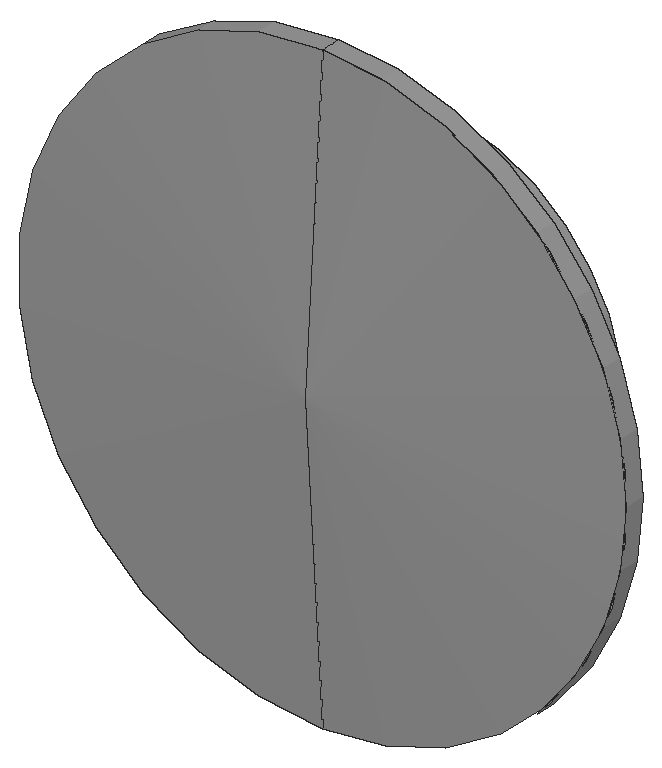
Revit family "Caribou_Elara 3_0", category Lighting Fixtures, Revit 2022
Family settings
  Round Connector Dimension = Use Diameter
  Part Type = Normal
  OmniClass Number = 23.80.70.00
  OmniClass Title = Lighting
  Work Plane-Based = No
  Always vertical = Yes
  Cut with Voids When Loaded = No
  Light Source = Yes
  Maintain Annotation Orientation = No
  Shared = No
  Room Calculation Point = No
Parameters (values of type "Ace Black")
  Wattage = 3.23141 W
  built-in parameter 1150110 = 1 (stored number, unit not read)
  Type Comments = ""
  built-in parameter 1114217 = 1 (stored number, unit not read)
  built-in parameter 1150109 = 1 (stored number, unit not read)
  built-in parameter 1150134 = (empty or 0)
  built-in parameter 1150113 = 1 (stored number, unit not read)
  Sill Height [instance] = 1500 mm
  Model = "Elara 3.0"
  Manufacturer = "Caribou"
  Lumens = 480 lm
  built-in parameter 1150115 = 1 (stored number, unit not read)
  built-in parameter 1150105 = 38.197 (stored number, unit not read)
  Light_Material = Light
  Light Source Symbol Size = 609.6 mm
  built-in parameter 1150137 = (empty or 0)
  built-in parameter 1150139 = (empty or 0)
  built-in parameter 1150112 = 1 (stored number, unit not read)
  built-in parameter 1150114 = 1 (stored number, unit not read)
  built-in parameter 1150132 = 2
  built-in parameter 1150102 = (empty or 0)
  built-in parameter 1150138 = (empty or 0)
  built-in parameter 1150107 = 3000 (stored number, unit not read)
  built-in parameter 1150106 = 0.38197 (stored number, unit not read)
  Finishes = Caribou_Ace Black
  built-in parameter 1150104 = 13.8 (stored number, unit not read)
  Dimming Lamp Color Temperature Shift = <None>
  Description = "Ace Black"
  Default Elevation = 0 mm
  Color Filter = 16777215
  built-in parameter 1114218 = 1 (stored number, unit not read)
  built-in parameter 1150133 = 10 (stored number, unit not read)
Types (3, lengths in mm): name | Finishes | Description
  (no name) | Caribou_Ace Black | "Ace Black"
  Flat White | Caribou_Flat White | "Flat White"
  Ace Black | Caribou_Ace Black | "Ace Black"
Reference planes
  plane 1 "Light Source Axis (F/B)": y = 0
  plane 2: z = 0
  plane 3 "Light Source Axis (L/R)": x = 0
  plane 4 "Light Source Elevation": z = 1500
Forms (mm)
  Extrusion 1, solid, material "Caribou_Ace Black" <- "Finishes"
    sketch origin (0, 0, 0) x (1, 0, 0) y (0, 0, 1)
      loop
        circle (0, 1500) r 100
    from 0 to 51
  Revolve 2, solid, material "Caribou_Ace Black" <- "Finishes"
    sketch origin (0, -20.682, 0) x (0, 1, 0) y (0, 0, 1)
      loop
        line (-30.318, 1650) -> (-40.318, 1650)
        arc (-40.318, 1650) -> (-47.815, 1575.166) -> (-50.318, 1500) r 1130
        line (-50.318, 1500) -> (-30.318, 1500) -> (-30.318, 1650)
      axis (-30.318, 1500) -> (-50.318, 1500)
    angle from 0 to 360
Lines and regions (mm)
  symbolic lines
    curve 1: line (0, 0, 1500) -> (0, -71, 1500)
Dimensions and locks
  "Sill Height": plane 4 "Light Source Elevation" to plane 2
  aligned and locked: plane 3 "Light Source Axis (L/R)" to imposter light
  aligned and locked: plane 1 "Light Source Axis (F/B)" to imposter light
  aligned and locked: plane 4 "Light Source Elevation" to imposter light
  aligned and locked: level to plane 2
Automatic sketch dimensions
  Extrusion 1 sketch curve to plane 3 "Light Source Axis (L/R)" = 0 mm
  Extrusion 1 sketch curve to plane 4 "Light Source Elevation" = 0 mm
  plane 4 "Light Source Elevation" to Revolve 2 sketch curve = 0 mm  (x2)
  plane 1 "Light Source Axis (F/B)" to Revolve 2 sketch curve = 51 mm
  Revolve 2 sketch curve to Revolve 2 sketch curve = 150 mm
  Revolve 2 sketch curve to Revolve 2 sketch curve = 0.318 mm
  Revolve 2 sketch curve to Revolve 2 sketch curve = 10 mm
  Revolve 2 sketch curve to Revolve 2 sketch curve = 20.318 mm
  Revolve 2 sketch curve to Revolve 2 sketch curve = 29.682 mm
  plane 4 "Light Source Elevation" to curve 1 = 0 mm
  curve 1 to plane 1 "Light Source Axis (F/B)" = 0 mm
  plane 1 "Light Source Axis (F/B)" to curve 1 = 71 mm
  radius of Extrusion 1 sketch curve = 100 mm
